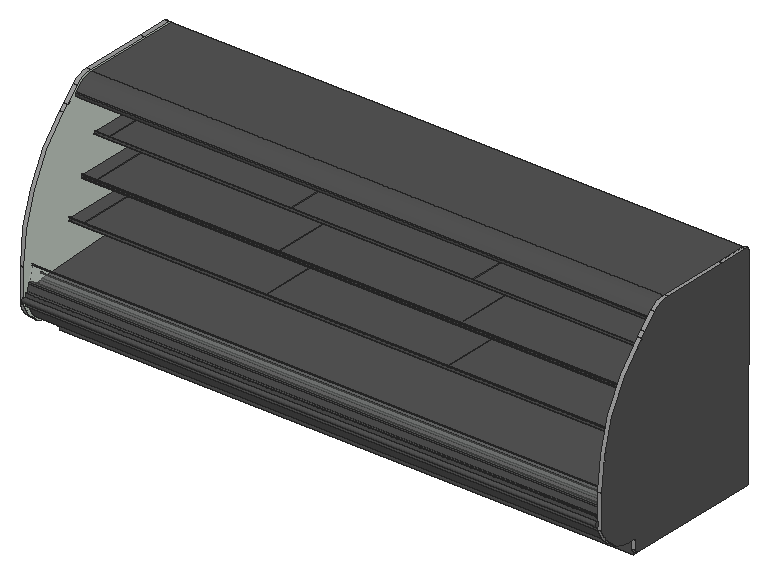
Revit family "E3S_2014", category Specialty Equipment, Revit 2014
Parameters (values of type "12'-0" Length")
  Width = 144 3/8"
  Waste Drain Location = if(Width = 72 1/8", 48 1/16", if(Width = 96 1/4", 71 7/8", if(Width = 144 3/8", 72 1/4", 0")))  # 72 1/4"
  Waste Drain = 1 1/2"  # constant formula
  URL = "www.hussmann.com"
  Type Comments = "Elite"  # constant formula
  Trim = Stainless Steel
  Total Weight = Case Weight + (2 * End Weight)  # 1200.00 lbf
  Splashguard = Textured Sheet Metal (Steel Painted) - 701 Black
  Side Panel - Right [instance] = yes
  Side Panel - Left [instance] = yes
  Shelves = Sheet Metal (Steel Painted) - 701 Black
  Shelf Lights [instance] = yes
  Shelf [instance] = yes
  Revit Family Date = "05/26/2016"  # constant formula
  Refrigeration Lines Suction = 7/8"  # constant formula
  Refrigeration Lines Liquid = 3/8"  # constant formula
  Refrig. Suction = "Suction"
  Refrig. Liquid = "Liquid"
  Number of Supports = if(Width < 50", 2, if(Width < 100", 3, 4))  # 4
  Number of Shelves = 3  # constant formula
  Note from Manufacturer = "This model only comes in 6'-0\", 8'-0\", and 12'-0\" lengths."
  Model URL = "http://www.hussmann.com/en/product%20viewer/display-cases/E2,%20E3"
  Model = "E3S"  # constant formula
  Manufacturer Disclaimer = "The information in this file is not intended to be an exact representation of the corresponding Hussmann product.  Further, we reserve the right to change or revise specifications and product design in connection with any feature of our products. Such changes do not entitle the buyer to corresponding changes, improvements, additions, or replacements for equipment previously sold or shipped."  # constant formula
  Manufacturer = "Hussmann Corporation"  # constant formula
  Height = 54"  # constant formula
  Glazing = Glass
  Ends = Textured Sheet Metal (Steel Painted) - 701 Black
  End Weight = 100.00 lbf  # constant formula
  Description = "Self-Serve, Four-Level Display (3 Shelves plus Bottom Deck)"  # constant formula
  Depth = 46 1/2"  # constant formula
  Cutsheet URL = "http://www.hussmann.com/en/Technical%20Documents/0504418_D_E3S.pdf"
  Case Weight = if(Width = 72 1/8", 600.00 lbf, if(Width = 96 1/4", 800.00 lbf, if(Width = 144 3/8", 1000.00 lbf, 0.00 lbf)))  # 1000.00 lbf
  Case Interior - Side Panel = Mirror
  Case Interior - Back Panel = Sheet Metal (Steel Painted) - 701 Black
  Case = Textured Sheet Metal (Steel Painted) - 701 Black
  Bumper = Extruded PVC - 701 Black
  Assembly Code = ""
  Accessories/Options = ""
Types (3): name | Width | Waste Drain Location | Total Weight | Number of Supports | Case Weight
  12'-0" Length | 144 3/8" | 72 1/4" | 1200.00 lbf | 4 | 1000.00 lbf
  8'-0" Length | 96 1/4" | 71 7/8" | 1000.00 lbf | 3 | 800.00 lbf
  6'-0" Length | 72 1/8" | 48 1/16" | 800.00 lbf | 3 | 600.00 lbf
Reference planes (in)
  plane 1 "Back": y = 0
  plane 2 "Bottom": z = 0
  plane 3 "Left": x = -77.30699
  plane 4 "Front": y = -46.5
  plane 5 "Center (Left/Right)": x = -5.11949
  plane 6: x = -78.30699
  plane 7 "Right": x = 67.06801
  plane 8: x = 68.06801
  plane 9: z = 40
  plane 10: z = 32
  plane 11: z = 24
  plane 12 "Top": z = 54
Forms (in)
  Extrusion 1, solid, material "Metal - Copper"
    sketch origin (57.40105, 5, -0.375) x (1, 0, 0) y (0, 1, 0)
      loop
        circle (0.85446, -35.75) r 0.41359
      loop
        circle (0.85446, -35.75) r 0.4375
    from 5.798 to 4.367
  Extrusion 2, solid, material "Metal - Copper"
    sketch origin (59.82608, 5, -0.375) x (1, 0, 0) y (0, 1, 0)
      loop
        circle (-0.94557, -35.75) r 0.17188
      loop
        circle (-0.94557, -35.75) r 0.1875
    from 5.798 to 4.367
  Extrusion 3, solid, material "Metal - Copper"
    sketch origin (-56.6875, 1.04319, 0) x (1, 0, 0) y (0, 1, 0)
      loop
        arc (51.63051, -27.91819) -> (51.10018, -28.13786) -> (50.88051, -28.66819) r 0.75
        arc (50.88051, -28.66819) -> (51.10018, -29.19852) -> (51.63051, -29.41819) r 0.75
        arc (51.63051, -29.41819) -> (52.16084, -29.19852) -> (52.38051, -28.66819) r 0.75
        arc (52.38051, -28.66819) -> (52.16084, -28.13786) -> (51.63051, -27.91819) r 0.75
      loop
        circle (51.63051, -28.66819) r 0.7102
    from 5.423 to 2.937
  Extrusion 4, solid, material "Extruded PVC - 701 Black" <- "Bumper"
    sketch origin (-5.11949, 0, 0) x (0, 1, 0) y (0, 0, 1)
      loop
        arc (-45.96459, 12.30251) -> (-46.51809, 11.74901) -> (-45.96459, 11.19551) r 0.5535
        line (-45.96459, 11.19551) -> (-45.67609, 11.19551) -> (-45.67609, 12.30251) -> (-45.96459, 12.30251)
    from 72.1875 to -72.1875
  Extrusion 5, solid, material "Textured Sheet Metal (Steel Painted) - 701 Black" <- "Case"
    sketch origin (-5.11949, 0, 0) x (0, 1, 0) y (0, 0, 1)
      loop
        line (-45.67609, 10.24862) -> (-44.73721, 10.24862)
        arc (-44.73721, 10.24862) -> (-41.75268, 5.96635) -> (-36.79912, 4.3209) r 8.279
        line (-36.79912, 4.3209) -> (-36.06134, 4.3209) -> (-36.06134, 4.38714) -> (-36.43529, 4.38714) -> (-36.43529, 4.854) -> (-33.93228, 4.854) -> (-33.93228, 5.326) -> (-33.43228, 5.326) -> (-33.43228, 5.423) -> (-10.24695, 5.423) -> (-3.25, 9.46027) -> (-3.25, 39.69717) -> (-0.097, 39.69717) -> (-0.097, 38.69717) -> (0, 38.69717) -> (0, 54.11314) -> (-24.84771, 54.11314)
        arc (-24.84771, 54.11314) -> (-27.57577, 53.37336) -> (-29.71648, 51.52756) r 6.37988
        arc (-29.71648, 51.52756) -> (-29.76201, 51.44246) -> (-29.78139, 51.34791) r 0.335
        arc (-29.78139, 51.34791) -> (-29.59316, 50.61293) -> (-29.01454, 50.1222) r 1.25
        arc (-29.01454, 50.1222) -> (-28.96223, 50.14373) -> (-28.98375, 50.19604) r 0.04
        arc (-28.98375, 50.19604) -> (-29.24318, 50.34576) -> (-29.4561, 50.55644) r 1.17
        line (-29.4561, 50.55644) -> (-28.32304, 52.51928) -> (-24.89525, 52.51928) -> (-24.89525, 51.66478) -> (-23.66468, 50.43421) -> (-23.39509, 50.70381) -> (-21.06345, 48.372) -> (-20.17822, 49.25717) -> (-9.60228, 49.25717) -> (-9.60228, 11.262) -> (-38.9886, 11.262) -> (-38.9886, 12.43402) -> (-38.78944, 12.43402) -> (-38.78944, 13.23102) -> (-40.8656, 13.23102) -> (-40.8656, 13.99702) -> (-42.17486, 13.99702) -> (-42.17486, 14.06002) -> (-44.10112, 15.17215)
        arc (-44.10112, 15.17215) -> (-44.14857, 14.92781) -> (-44.1932, 14.68294) r 21.62056
        line (-44.1932, 14.68294) -> (-44.50959, 12.88862) -> (-44.97485, 12.97066) -> (-44.65846, 14.76498)
        arc (-44.65846, 14.76498) -> (-44.62227, 14.96484) -> (-44.58425, 15.16436) r 22.093
        line (-44.58425, 15.16436) -> (-44.64216, 15.17567)
        arc (-44.64216, 15.17567) -> (-44.68028, 14.97562) -> (-44.71657, 14.77522) r 22.152
        line (-44.71657, 14.77522) -> (-44.98681, 13.24262) -> (-45.58709, 13.24262)
        arc (-45.58709, 13.24262) -> (-45.65002, 13.21655) -> (-45.67609, 13.15362) r 0.089
        line (-45.67609, 13.15362) -> (-45.67609, 10.24862)
    from 72.1875 to -72.1875
  Extrusion 6, solid, material "Glass" <- "Glazing"
    sketch origin (-5.11949, 0, 0) x (0, 1, 0) y (0, 0, 1)
      loop
        arc (-43.65544, 18.50208) -> (-44.23892, 16.65553) -> (-44.65846, 14.76498) r 22.093
        line (-44.65846, 14.76498) -> (-44.97485, 12.97066) -> (-44.50959, 12.88862) -> (-44.1932, 14.68294)
        arc (-44.1932, 14.68294) -> (-43.77777, 16.55114) -> (-43.19876, 18.37529) r 21.62056
        arc (-43.19876, 18.37529) -> (-43.36762, 18.64771) -> (-43.65261, 18.50105) r 0.23622
      loop
        line (-40.8656, 13.23102) -> (-40.6156, 13.23102) -> (-40.6156, 15.60602)
        arc (-40.6156, 15.60602) -> (-40.7406, 15.73102) -> (-40.8656, 15.60602) r 0.125
        line (-40.8656, 15.60602) -> (-40.8656, 13.23102)
    from 72.1875 to -72.1875
  Extrusion 7, solid, material "Sheet Metal (Steel Painted) - 701 Black" <- "Shelves"
    sketch origin (-5.11949, 0, 0) x (0, 1, 0) y (0, 0, 1)
      loop
        line (-40.5277, 14.22713) -> (-40.48501, 13.41115) -> (-9.62922, 15.0257) -> (-9.67192, 15.84168) -> (-40.5277, 14.22713)
    from 72.1875 to -72.1875
  Extrusion 8, solid, material "Textured Sheet Metal (Steel Painted) - 701 Black" <- "Splashguard"
    sketch origin (-5.11949, 0, 0) x (0, 1, 0) y (0, 0, 1)
      loop
        line (-34.07685, 0) -> (-34.07685, 4.28551) -> (-34.28029, 4.28551) -> (-34.28029, 4.854) -> (-34.93629, 4.854) -> (-34.93629, 4.783) -> (-34.35129, 4.783) -> (-34.35129, 4.28551) -> (-34.62571, 4.28551) -> (-34.62571, 0) -> (-34.07685, 0)
      loop
        line (-28.40228, 1.984) -> (-28.94928, 1.984) -> (-28.94928, 0.547) -> (-33.80428, 0.547) -> (-33.80428, 0) -> (-28.40228, 0) -> (-28.40228, 1.984)
    from 72.1875 to -72.1875
  Extrusion 9, solid, material "Stainless Steel"
    sketch origin (-5.11949, 0, 0) x (0, 1, 0) y (0, 0, 1)
      loop
        line (-26.08128, 0.071) -> (-28.33128, 0.071) -> (-28.33128, 2.173) -> (-29.27728, 2.173) -> (-29.27728, 2.102) -> (-28.40228, 2.102) -> (-28.40228, 0) -> (-26.01028, 0) -> (-26.01028, 2.102) -> (-25.13528, 2.102) -> (-25.13528, 2.173) -> (-26.08128, 2.173) -> (-26.08128, 0.071)
      loop
        line (-4.43928, 0.071) -> (-6.68928, 0.071) -> (-6.68928, 2.173) -> (-7.63528, 2.173) -> (-7.63528, 2.102) -> (-6.76028, 2.102) -> (-6.76028, 0) -> (-4.36828, 0) -> (-4.36828, 2.102) -> (-3.49328, 2.102) -> (-3.49328, 2.173) -> (-4.43928, 2.173) -> (-4.43928, 0.071)
    from 72.1875 to -72.1875
  Extrusion 10, solid, material "Textured Sheet Metal (Steel Painted) - 701 Black" <- "Ends", visible <- "Side Panel - Left"
    sketch origin (-77.30699, 0, 0) x (0, 1, 0) y (0, 0, 1)
      loop
        line (-34.50131, 0.88154) -> (-0.25604, 0.88154)
        arc (-0.25604, 0.88154) -> (0.09489, 1.0269) -> (0.24026, 1.37784) r 0.4963
        line (0.24026, 1.37784) -> (0.24026, 1.75142) -> (0.24026, 53.85054)
        arc (0.24026, 53.85054) -> (0.09381, 54.20409) -> (-0.25974, 54.35054) r 0.5
        line (-0.25974, 54.35054) -> (-7.81111, 54.35054) -> (-24.90049, 54.35054)
        arc (-24.90049, 54.35054) -> (-27.15564, 53.9106) -> (-29.08008, 52.65531) r 6.00003
        line (-29.08008, 52.65531) -> (-32.1959, 49.63012) -> (-33.35378, 48.50592)
        arc (-33.35378, 48.50592) -> (-42.55511, 34.98847) -> (-45.79121, 18.95995) r 41.31294
        line (-45.79121, 18.95995) -> (-45.79121, 10.50195)
        arc (-45.79121, 10.50195) -> (-42.52771, 5.96203) -> (-37.2131, 4.2253) r 9.00004
        line (-37.2131, 4.2253) -> (-35.56076, 4.2253)
        arc (-35.56076, 4.2253) -> (-35.15143, 4.05575) -> (-34.98188, 3.64643) r 0.57888
        line (-34.98188, 3.64643) -> (-34.98188, 1.36211)
        arc (-34.98188, 1.36211) -> (-34.84112, 1.02229) -> (-34.50131, 0.88154) r 0.48057
    from 0 to -1
  Extrusion 11, solid, material "Textured Sheet Metal (Steel Painted) - 701 Black" <- "Ends", visible <- "Side Panel - Right"
    sketch origin (67.06801, 0, 0) x (0, 0, 1) y (0, -1, 0)
      loop
        line (0.88154, 34.5245) -> (0.88154, 0.26179)
        arc (0.88154, 0.26179) -> (1.02858, -0.09321) -> (1.38358, -0.24026) r 0.50205
        line (1.38358, -0.24026) -> (1.75142, -0.24026) -> (53.84923, -0.24026)
        arc (53.84923, -0.24026) -> (54.20371, -0.09343) -> (54.35054, 0.26105) r 0.50131
        line (54.35054, 0.26105) -> (54.35054, 7.81111) -> (54.35054, 24.90049)
        arc (54.35054, 24.90049) -> (53.9106, 27.15564) -> (52.65531, 29.08008) r 6.00003
        line (52.65531, 29.08008) -> (49.63012, 32.1959) -> (48.50592, 33.35378)
        arc (48.50592, 33.35378) -> (34.98838, 42.55515) -> (18.95975, 45.79121) r 41.31294
        line (18.95975, 45.79121) -> (10.50195, 45.79121)
        arc (10.50195, 45.79121) -> (5.96203, 42.52771) -> (4.2253, 37.2131) r 9.00004
        line (4.2253, 37.2131) -> (4.2253, 35.51438)
        arc (4.2253, 35.51438) -> (4.08292, 35.17063) -> (3.73916, 35.02824) r 0.48614
        line (3.73916, 35.02824) -> (1.38528, 35.02824)
        arc (1.38528, 35.02824) -> (1.02908, 34.8807) -> (0.88154, 34.5245) r 0.50374
    from 1 to 0
  Extrusion 12, solid, material "Sheet Metal (Steel Painted) - 701 Black" <- "Shelves", visible <- "Shelf"
    sketch origin (-77.30699, 0, 0) x (0, 1, 0) y (0, 0, 1)
      loop
        line (-23.83741, 39.38588) -> (-23.63861, 39.58468) -> (-23.67113, 39.58468) -> (-23.85367, 39.40214)
        arc (-23.85367, 39.40214) -> (-23.87002, 39.39889) -> (-23.87928, 39.41275) r 0.015
        line (-23.87928, 39.41275) -> (-23.87928, 40.058)
        arc (-23.87928, 40.058) -> (-23.81666, 40.13197) -> (-23.73337, 40.08242) r 0.075
        line (-23.73337, 40.08242) -> (-23.70589, 40.00263)
        arc (-23.70589, 40.00263) -> (-23.69203, 39.98406) -> (-23.66997, 39.977) r 0.038
        line (-23.66997, 39.977) -> (-9.83349, 39.977) -> (-9.85649, 40) -> (-23.68067, 40) -> (-23.71162, 40.0899)
        arc (-23.71162, 40.0899) -> (-23.82046, 40.15465) -> (-23.90228, 40.058) r 0.098
        line (-23.90228, 40.058) -> (-23.90228, 39.41275)
        arc (-23.90228, 39.41275) -> (-23.87882, 39.37764) -> (-23.83741, 39.38588) r 0.038
      loop
        line (-31.83741, 23.38588) -> (-31.63861, 23.58468) -> (-31.67113, 23.58468) -> (-31.85367, 23.40214)
        arc (-31.85367, 23.40214) -> (-31.87002, 23.39889) -> (-31.87928, 23.41275) r 0.015
        line (-31.87928, 23.41275) -> (-31.87928, 24.058)
        arc (-31.87928, 24.058) -> (-31.81666, 24.13197) -> (-31.73337, 24.08242) r 0.075
        line (-31.73337, 24.08242) -> (-31.70589, 24.00263)
        arc (-31.70589, 24.00263) -> (-31.69203, 23.98406) -> (-31.66997, 23.977) r 0.038
        line (-31.66997, 23.977) -> (-9.83349, 23.977) -> (-9.85649, 24) -> (-31.68067, 24) -> (-31.71162, 24.0899)
        arc (-31.71162, 24.0899) -> (-31.82046, 24.15465) -> (-31.90228, 24.058) r 0.098
        line (-31.90228, 24.058) -> (-31.90228, 23.41275)
        arc (-31.90228, 23.41275) -> (-31.87882, 23.37764) -> (-31.83741, 23.38588) r 0.038
      loop
        line (-27.83741, 31.38588) -> (-27.63861, 31.58468) -> (-27.67113, 31.58468) -> (-27.85367, 31.40214)
        arc (-27.85367, 31.40214) -> (-27.87002, 31.39889) -> (-27.87928, 31.41275) r 0.015
        line (-27.87928, 31.41275) -> (-27.87928, 32.058)
        arc (-27.87928, 32.058) -> (-27.81666, 32.13197) -> (-27.73337, 32.08242) r 0.075
        line (-27.73337, 32.08242) -> (-27.70589, 32.00263)
        arc (-27.70589, 32.00263) -> (-27.69203, 31.98406) -> (-27.66997, 31.977) r 0.038
        line (-27.66997, 31.977) -> (-9.83349, 31.977) -> (-9.85649, 32) -> (-27.68067, 32) -> (-27.71162, 32.0899)
        arc (-27.71162, 32.0899) -> (-27.82046, 32.15465) -> (-27.90228, 32.058) r 0.098
        line (-27.90228, 32.058) -> (-27.90228, 31.41275)
        arc (-27.90228, 31.41275) -> (-27.87882, 31.37764) -> (-27.83741, 31.38588) r 0.038
    from 0 to 144.375
Lines and regions (in)
  reference lines
    curve 1: line (-73.80699, -46.5, 0) -> (-73.80699, 0, 0)
    curve 2: line (-5.05699, -46.5, 0) -> (-5.05699, 0, 0)
    curve 3: line (63.56801, -46.5, 0) -> (63.56801, 0, 0)
    curve 4: line (58.69301, -46.5, 0) -> (58.69301, 0, 0)
    curve 5: line (-77.30699, -27.625, 0) -> (67.06801, -27.625, 0)
    curve 6: line (67.06801, -30.75, 0) -> (-77.30699, -30.75, 0)
Dimensions and locks (in)
  equal spacing: plane 3 "Left", plane 5 "Center (Left/Right)", plane 7 "Right"
  locked: plane 6 to plane 3 "Left" at 1
  "Width": plane 3 "Left" to plane 7 "Right"
  locked: plane 3 "Left" to curve 1 at 3.5
  "Waste Drain Location": plane 3 "Left" to curve 2
  locked: curve 3 to plane 7 "Right" at 3.5
  "Depth": plane 4 "Front" to plane 1 "Back"
  locked: curve 4 to plane 7 "Right" at 8.375
  "Height": plane 12 "Top" to level
  locked: plane 1 "Back" to curve 5 at 27.625
  locked: plane 1 "Back" to curve 6 at 30.75
  locked: plane 7 "Right" to plane 8 at 1
  locked: Extrusion 3 sketch curve to Extrusion 3 sketch curve at 0.0398
  locked: Extrusion 2 sketch curve to Extrusion 2 sketch curve at 0.01562
  locked: Extrusion 1 sketch curve to Extrusion 1 sketch curve at 0.02391
  equal spacing: group 1, group 3, group 4, group 2  (x3)
  locked: plane 11 to level at 24
  locked: plane 10 to level at 32
  locked: plane 9 to level at 40
  "Waste Drain": diameter of Extrusion 3 sketch curve
  "Refrigeration Lines Liquid": diameter of Extrusion 2 sketch curve
  "Refrigeration Lines Suction": diameter of Extrusion 1 sketch curve
  aligned and locked: plane 4 "Front" to curve 3
  aligned and locked: plane 4 "Front" to curve 2
  aligned and locked: plane 4 "Front" to curve 1
  aligned and locked: plane 3 "Left" to curve 5
  aligned and locked: plane 3 "Left" to curve 6
  aligned and locked: plane 7 "Right" to curve 6
  aligned and locked: plane 7 "Right" to curve 5
  aligned and locked: curve 6 to Extrusion 2 sketch curve  (x4)
  aligned and locked: curve 6 to Extrusion 1 sketch curve  (x4)
  aligned and locked: curve 5 to Extrusion 3 sketch curve
  aligned and locked: curve 2 to Extrusion 3 sketch curve
  aligned and locked: curve 4 to Extrusion 2 sketch curve
  aligned and locked: curve 4 to Extrusion 1 sketch curve
  aligned and locked: Extrusion 4 to plane 3 "Left"
  aligned and locked: plane 7 "Right" to Extrusion 4
  aligned and locked: Extrusion 5 to plane 3 "Left"
  aligned and locked: plane 7 "Right" to Extrusion 5
  aligned and locked: Extrusion 6 to plane 3 "Left"
  aligned and locked: plane 7 "Right" to Extrusion 6
  aligned and locked: Extrusion 7 to plane 3 "Left"
  aligned and locked: plane 7 "Right" to Extrusion 7
  aligned and locked: Extrusion 8 to plane 3 "Left"
  aligned and locked: plane 7 "Right" to Extrusion 8
  aligned and locked: Extrusion 9 to plane 3 "Left"
  aligned and locked: plane 7 "Right" to Extrusion 9
  aligned and locked: plane 3 "Left" to nested 1
  aligned and locked: plane 3 "Left" to nested 2
  aligned and locked: plane 6 to Extrusion 10
  aligned and locked: plane 3 "Left" to Extrusion 10
  aligned and locked: plane 8 to Extrusion 11
  aligned and locked: Extrusion 11 to plane 7 "Right"
  aligned and locked: curve 1 to nested 7
  aligned and locked: curve 1 to nested 4
  aligned and locked: curve 1 to nested 3
  aligned and locked: curve 3 to nested 8
  aligned and locked: Extrusion 12 to plane 3 "Left"
  aligned and locked: plane 7 "Right" to Extrusion 12
  aligned and locked: plane 3 "Left" to nested 11
  aligned and locked: plane 3 "Left" to nested 12
  aligned and locked: plane 3 "Left" to nested 13
Automatic sketch dimensions
  plane 4 "Front" to Extrusion 4 sketch curve = 0.53541"
  level to Extrusion 4 sketch curve = 11.19551"
  Extrusion 4 sketch curve to Extrusion 4 sketch curve = 0.5535"
  Extrusion 4 sketch curve to Extrusion 4 sketch curve = 0.2885"
  plane 4 "Front" to Extrusion 5 sketch curve = 0.82391"
  Extrusion 5 sketch curve to Extrusion 5 sketch curve = 0.93888"
  Extrusion 5 sketch curve to Extrusion 5 sketch curve = 2.35128"
  Extrusion 5 sketch curve to Extrusion 5 sketch curve = 0.73778"
  Extrusion 5 sketch curve to Extrusion 5 sketch curve = 0.06624"
  Extrusion 5 sketch curve to Extrusion 5 sketch curve = 0.36383"
  Extrusion 5 sketch curve to Extrusion 5 sketch curve = 0.46685"
  Extrusion 5 sketch curve to Extrusion 5 sketch curve = 2.12906"
  Extrusion 5 sketch curve to Extrusion 5 sketch curve = 0.472"
  Extrusion 5 sketch curve to Extrusion 5 sketch curve = 1/2"
  plane 1 "Back" to Extrusion 5 sketch curve = 3 1/4"
  level to Extrusion 5 sketch curve = 9.46027"
  level to Extrusion 5 sketch curve = 5.423"
  plane 1 "Back" to Extrusion 5 sketch curve = 0.097"
  Extrusion 5 sketch curve to Extrusion 5 sketch curve = 21.59771"
  Extrusion 5 sketch curve to Extrusion 5 sketch curve = 0.26423"
  Extrusion 5 sketch curve to Extrusion 5 sketch curve = 69/256"
  Extrusion 5 sketch curve to Extrusion 5 sketch curve = 0.91348"
  Extrusion 5 sketch curve to Extrusion 5 sketch curve = 0.0527"
  Extrusion 5 sketch curve to Extrusion 5 sketch curve = 0.06492"
  Extrusion 5 sketch curve to Extrusion 5 sketch curve = 0"  (x10)
  Extrusion 5 sketch curve to Extrusion 5 sketch curve = 0.48107"
  Extrusion 5 sketch curve to Extrusion 5 sketch curve = 0.01539"  (x2)
  Extrusion 5 sketch curve to Extrusion 5 sketch curve = 0.47234"
  Extrusion 5 sketch curve to Extrusion 5 sketch curve = 0.21043"
  Extrusion 5 sketch curve to Extrusion 5 sketch curve = 0.04754"
  Extrusion 5 sketch curve to Extrusion 5 sketch curve = 0.8545"
  Extrusion 5 sketch curve to Extrusion 5 sketch curve = 1.23057"
  Extrusion 5 sketch curve to Extrusion 5 sketch curve = 10.57593"
  Extrusion 5 sketch curve to Extrusion 5 sketch curve = 5.839"
  Extrusion 5 sketch curve to Extrusion 5 sketch curve = 5.74861"
  Extrusion 5 sketch curve to Extrusion 5 sketch curve = 2.18948"
  Extrusion 5 sketch curve to Extrusion 5 sketch curve = 0.16588"
  Extrusion 5 sketch curve to Extrusion 5 sketch curve = 0.19916"
  Extrusion 5 sketch curve to Extrusion 5 sketch curve = 1.17202"
  Extrusion 5 sketch curve to Extrusion 5 sketch curve = 0.797"
  Extrusion 5 sketch curve to Extrusion 5 sketch curve = 1.877"
  Extrusion 5 sketch curve to Extrusion 5 sketch curve = 0.063"
  Extrusion 5 sketch curve to Extrusion 5 sketch curve = 3.23552"
  Extrusion 5 sketch curve to Extrusion 5 sketch curve = 1.94112"
  Extrusion 5 sketch curve to Extrusion 5 sketch curve = 12.65415"
  Extrusion 5 sketch curve to Extrusion 5 sketch curve = 5.50557"
  Extrusion 5 sketch curve to Extrusion 5 sketch curve = 0.09208"
  Extrusion 5 sketch curve to Extrusion 5 sketch curve = 3.64399"
  Extrusion 5 sketch curve to Extrusion 5 sketch curve = 0.34241"
  Extrusion 5 sketch curve to Extrusion 5 sketch curve = 0.46526"  (x2)
  Extrusion 5 sketch curve to Extrusion 5 sketch curve = 0.01631"
  Extrusion 5 sketch curve to Extrusion 5 sketch curve = 0.41069"
  Extrusion 5 sketch curve to Extrusion 5 sketch curve = 0.0581"
  Extrusion 5 sketch curve to Extrusion 5 sketch curve = 0.05791"
  Extrusion 5 sketch curve to Extrusion 5 sketch curve = 0.01196"
  Extrusion 5 sketch curve to Extrusion 5 sketch curve = 0.27196"
  Extrusion 5 sketch curve to Extrusion 5 sketch curve = 0.089"
  Extrusion 5 sketch curve to Extrusion 5 sketch curve = 1.30926"
  Extrusion 5 sketch curve to Extrusion 5 sketch curve = 0.766"
  Extrusion 5 sketch curve to Extrusion 5 sketch curve = 2.33164"
  Extrusion 5 sketch curve to Extrusion 5 sketch curve = 21/256"
  Extrusion 6 sketch curve to Extrusion 6 sketch curve = 0"  (x2)
  plane 4 "Front" to Extrusion 6 sketch curve = 1.52515"
  Extrusion 6 sketch curve to Extrusion 6 sketch curve = 81/256"
  Extrusion 6 sketch curve to Extrusion 6 sketch curve = 0.46526"  (x2)
  Extrusion 6 sketch curve to Extrusion 6 sketch curve = 3.3276"
  Extrusion 6 sketch curve to Extrusion 6 sketch curve = 1/8"
  level to Extrusion 6 sketch curve = 10.92857"
  level to Extrusion 6 sketch curve = 12.88862"
  Extrusion 6 sketch curve to Extrusion 6 sketch curve = 21/256"  (x2)
  Extrusion 6 sketch curve to Extrusion 6 sketch curve = 0.92309"
  Extrusion 6 sketch curve to Extrusion 6 sketch curve = 2 3/8"
  plane 4 "Front" to Extrusion 7 sketch curve = 5.9723"
  Extrusion 7 sketch curve to Extrusion 7 sketch curve = 0.0427"
  plane 1 "Back" to Extrusion 7 sketch curve = 9.67192"
  level to Extrusion 7 sketch curve = 13.41115"
  Extrusion 7 sketch curve to Extrusion 7 sketch curve = 0.81598"
  Extrusion 8 sketch curve to level = 0"  (x2)
  level to Extrusion 8 sketch curve = 4.783"
  plane 4 "Front" to Extrusion 8 sketch curve = 11.56371"
  Extrusion 8 sketch curve to Extrusion 8 sketch curve = 0.31058"
  Extrusion 8 sketch curve to Extrusion 8 sketch curve = 0.27442"
  Extrusion 8 sketch curve to Extrusion 8 sketch curve = 0.071"  (x2)
  Extrusion 8 sketch curve to Extrusion 8 sketch curve = 0.54886"
  Extrusion 8 sketch curve to Extrusion 8 sketch curve = 0.27257"
  level to Extrusion 8 sketch curve = 1.984"
  Extrusion 8 sketch curve to Extrusion 8 sketch curve = 4.855"
  Extrusion 8 sketch curve to Extrusion 8 sketch curve = 0.547"  (x2)
  Extrusion 8 sketch curve to Extrusion 8 sketch curve = 0.49749"
  Extrusion 8 sketch curve to Extrusion 8 sketch curve = 0"
  Extrusion 9 sketch curve to level = 0"  (x2)
  level to Extrusion 9 sketch curve = 2.173"
  plane 4 "Front" to Extrusion 9 sketch curve = 17.22272"
  Extrusion 9 sketch curve to Extrusion 9 sketch curve = 7/8"  (x4)
  Extrusion 9 sketch curve to Extrusion 9 sketch curve = 0.071"  (x8)
  Extrusion 9 sketch curve to Extrusion 9 sketch curve = 2 1/4"  (x2)
  level to Extrusion 9 sketch curve = 2.102"  (x2)
  plane 1 "Back" to Extrusion 9 sketch curve = 7.63528"
  level to Extrusion 9 sketch curve = 0.071"  (x2)
  Extrusion 9 sketch curve to Extrusion 9 sketch curve = 2.031"
  Extrusion 12 sketch curve to Extrusion 12 sketch curve = 0"  (x14)
  plane 10 to Extrusion 12 sketch curve = 0"
  plane 11 to Extrusion 12 sketch curve = 0"
  plane 9 to Extrusion 12 sketch curve = 0"
  plane 10 to Extrusion 12 sketch curve = 0.58725"
  plane 4 "Front" to Extrusion 12 sketch curve = 18.59772"
  plane 11 to Extrusion 12 sketch curve = 0.58725"
  Extrusion 12 sketch curve to Extrusion 12 sketch curve = 4"
  Extrusion 12 sketch curve to Extrusion 12 sketch curve = 0.023"  (x6)
  Extrusion 12 sketch curve to Extrusion 12 sketch curve = 0.015"  (x3)
  plane 10 to Extrusion 12 sketch curve = 0.59786"
  plane 11 to Extrusion 12 sketch curve = 0.59786"
  plane 10 to Extrusion 12 sketch curve = 0.61412"
  plane 11 to Extrusion 12 sketch curve = 0.61412"
  Extrusion 12 sketch curve to plane 10 = 0.058"
  Extrusion 12 sketch curve to Extrusion 12 sketch curve = 0.075"  (x3)
  Extrusion 12 sketch curve to plane 11 = 0.058"
  Extrusion 12 sketch curve to plane 11 = 0.08242"
  Extrusion 12 sketch curve to plane 10 = 0.08242"
  Extrusion 12 sketch curve to plane 11 = 0.0899"
  Extrusion 12 sketch curve to plane 10 = 0.0899"
  Extrusion 12 sketch curve to plane 11 = 0.00263"
  Extrusion 12 sketch curve to Extrusion 12 sketch curve = 0.02747"  (x3)
  Extrusion 12 sketch curve to plane 10 = 0.00263"
  Extrusion 12 sketch curve to Extrusion 12 sketch curve = 0.02523"  (x3)
  plane 10 to Extrusion 12 sketch curve = 0.41532"
  Extrusion 12 sketch curve to Extrusion 12 sketch curve = 0.18254"  (x4)
  Extrusion 12 sketch curve to Extrusion 12 sketch curve = 0.0107"  (x3)
  Extrusion 12 sketch curve to Extrusion 12 sketch curve = 0.03253"  (x3)
  plane 9 to Extrusion 12 sketch curve = 0.58725"
  Extrusion 12 sketch curve to Extrusion 12 sketch curve = 3.80934"
  plane 9 to Extrusion 12 sketch curve = 0.59786"
  plane 9 to Extrusion 12 sketch curve = 0.61412"
  Extrusion 12 sketch curve to plane 9 = 0.058"
  Extrusion 12 sketch curve to plane 9 = 0.08242"
  Extrusion 12 sketch curve to plane 9 = 0.0899"
  Extrusion 12 sketch curve to plane 9 = 0.00263"
  plane 9 to Extrusion 12 sketch curve = 0.41532"
  plane 1 "Back" to Extrusion 12 sketch curve = 9.85649"
  plane 9 to Extrusion 12 sketch curve = 0.023"
  plane 10 to Extrusion 12 sketch curve = 0.023"
  plane 11 to Extrusion 12 sketch curve = 0.023"
  plane 9 to Extrusion 5 sketch curve = 1.30283"
  Extrusion 5 sketch curve to plane 1 "Back" = 0"
  Extrusion 5 sketch curve to Extrusion 5 sketch curve = 1"
  plane 4 "Front" to Extrusion 6 sketch curve = 3.0693"
  Extrusion 6 sketch curve to Extrusion 6 sketch curve = 0.22191"
  Extrusion 6 sketch curve to Extrusion 6 sketch curve = 0.23194"
  Extrusion 6 sketch curve to Extrusion 6 sketch curve = 0.04479"
  Extrusion 6 sketch curve to Extrusion 6 sketch curve = 0.00283"
  plane 1 "Back" to Extrusion 11 sketch curve = 0.26179"
  level to Extrusion 11 sketch curve = 0.88154"
  Extrusion 11 sketch curve to Extrusion 11 sketch curve = 0.50205"
  Extrusion 11 sketch curve to Extrusion 11 sketch curve = 0.50374"
  Extrusion 11 sketch curve to Extrusion 11 sketch curve = 0.36784"
  Extrusion 11 sketch curve to Extrusion 11 sketch curve = 2.35388"
  Extrusion 11 sketch curve to Extrusion 11 sketch curve = 0.48614"
  plane 4 "Front" to Extrusion 11 sketch curve = 0.70879"
  level to Extrusion 11 sketch curve = 10.50195"
  Extrusion 11 sketch curve to Extrusion 11 sketch curve = 9.00004"
  plane 11 to Extrusion 11 sketch curve = 5.04025"
  plane 11 to Extrusion 11 sketch curve = 5.04005"
  plane 1 "Back" to Extrusion 11 sketch curve = 4.47827"
  Extrusion 11 sketch curve to Extrusion 11 sketch curve = 1.15788"
  Extrusion 11 sketch curve to Extrusion 11 sketch curve = 2.68861"
  Extrusion 11 sketch curve to Extrusion 11 sketch curve = 1.69523"
  plane 1 "Back" to Extrusion 11 sketch curve = 0.26105"
  Extrusion 11 sketch curve to Extrusion 11 sketch curve = 4.1796"
  Extrusion 11 sketch curve to Extrusion 11 sketch curve = 3.02519"
  Extrusion 11 sketch curve to Extrusion 11 sketch curve = 7.55005"
  Extrusion 11 sketch curve to Extrusion 11 sketch curve = 17.08938"
  Extrusion 11 sketch curve to Extrusion 11 sketch curve = 3.11582"
  plane 4 "Front" to Extrusion 10 sketch curve = 0.70879"
  level to Extrusion 10 sketch curve = 4.2253"
  plane 4 "Front" to Extrusion 10 sketch curve = 9.2869"
  Extrusion 10 sketch curve to Extrusion 10 sketch curve = 1 167/256"
  Extrusion 10 sketch curve to Extrusion 10 sketch curve = 0.57888"
  Extrusion 10 sketch curve to Extrusion 10 sketch curve = 0.48057"
  plane 1 "Back" to Extrusion 10 sketch curve = 7.81111"
  plane 1 "Back" to Extrusion 10 sketch curve = 4.47827"
  plane 1 "Back" to Extrusion 10 sketch curve = 0.25974"
  plane 1 "Back" to Extrusion 10 sketch curve = 0.25604"
  Extrusion 10 sketch curve to plane 1 "Back" = 0.24026"
  level to Extrusion 10 sketch curve = 1.75142"
  Extrusion 10 sketch curve to Extrusion 10 sketch curve = 0.37359"
  level to Extrusion 10 sketch curve = 10.50195"
  plane 11 to Extrusion 10 sketch curve = 5.04005"
  Extrusion 10 sketch curve to Extrusion 10 sketch curve = 1.15788"
  plane 4 "Front" to Extrusion 10 sketch curve = 14.3041"
  Extrusion 10 sketch curve to Extrusion 10 sketch curve = 3.11582"
  Extrusion 10 sketch curve to Extrusion 10 sketch curve = 4.1796"
  plane 12 "Top" to Extrusion 5 sketch curve = 3.44356"
  Extrusion 5 sketch curve to Extrusion 5 sketch curve = 4.56085"
  plane 12 "Top" to Extrusion 5 sketch curve = 3.29619"
  Extrusion 5 sketch curve to Extrusion 5 sketch curve = 0.26959"  (x2)
  Extrusion 5 sketch curve to Extrusion 5 sketch curve = 0.88523"
  Extrusion 5 sketch curve to Extrusion 5 sketch curve = 2.96507"
  Extrusion 5 sketch curve to Extrusion 5 sketch curve = 2.33181"
  plane 12 "Top" to Extrusion 10 sketch curve = 5.64949"
  Extrusion 10 sketch curve to Extrusion 10 sketch curve = 1.1242"
  plane 12 "Top" to Extrusion 10 sketch curve = 1.34469"
  plane 12 "Top" to Extrusion 11 sketch curve = 5.64949"
  Extrusion 1 sketch curve to Extrusion 1 sketch curve = 0"
  Extrusion 2 sketch curve to Extrusion 2 sketch curve = 0"
  curve 4 to plane 4 "Front" = 0"
  plane 1 "Back" to curve 4 = 0"
  plane 1 "Back" to curve 1 = 0"
  plane 1 "Back" to curve 3 = 0"
  plane 1 "Back" to curve 2 = 0"
  Extrusion 3 sketch curve to Extrusion 3 sketch curve = 0"  (x3)
Nested families (in)
  nested 1: "Light" at (-5.30699, -19.12722, -1.20112), type "Light"
    with Length 144 3/8"
  nested 2: "Light" at (-5.30699, -17.12722, -1.20112), type "Light"
    with Length 144 3/8"
  nested 3: "Shelf - E Series" at (-73.93199, -9.60228, 19.08109), visible <- "Shelf", type "22""
    with Depth 22"
  nested 4: "Shelf - E Series" at (-73.93199, -9.60228, 35.08109), visible <- "Shelf", type "14""
    with Depth 14"
  nested 5: "Shelf - E Series" at (63.44301, -9.60228, 19.08109), visible <- "Shelf", type "22""
    with Depth 22"
  nested 6: "Shelf - E Series" at (63.44301, -9.60228, 35.08109), visible <- "Shelf", type "14""
    with Depth 14"
  nested 7: "Cross Member - E Series" at (-72.3125, 0.34772, 0), type "Cross Member - E Series"
  nested 8: "Cross Member - E Series" at (65.0625, 0.34772, 0), type "Cross Member - E Series"
  nested 9: "Shelf - E Series" at (63.44301, -9.60228, 27.08109), visible <- "Shelf", type "18""
    with Depth 18"
  nested 10: "Shelf - E Series" at (-73.93199, -9.60228, 27.08109), visible <- "Shelf", type "18""
    with Depth 18"
  nested 11: "Light" at (-5.30699, -13.97829, -13.0215), visible <- "Shelf Lights", type "Light"
    with Length 144 3/8"
  nested 12: "Light" at (-5.30699, -17.97829, -21.0215), visible <- "Shelf Lights", type "Light"
    with Length 144 3/8"
  nested 13: "Light" at (-5.30699, -21.97829, -29.0215), visible <- "Shelf Lights", type "Light"
    with Length 144 3/8"
  nested 14: "Shelf - E Series" at (-28.14032, -9.60228, 19.08109), visible <- "Shelf", type "22""
    with Depth 22"
  nested 15: "Shelf - E Series" at (-28.14032, -9.60228, 35.08109), visible <- "Shelf", type "14""
    with Depth 14"
  nested 16: "Cross Member - E Series" at (-26.52083, 0.34772, 0), type "Cross Member - E Series"
  nested 17: "Shelf - E Series" at (-28.14032, -9.60228, 27.08109), visible <- "Shelf", type "18""
    with Depth 18"
  nested 18: "Shelf - E Series" at (17.65135, -9.60228, 19.08109), visible <- "Shelf", type "22""
    with Depth 22"
  nested 19: "Shelf - E Series" at (17.65135, -9.60228, 35.08109), visible <- "Shelf", type "14""
    with Depth 14"
  nested 20: "Cross Member - E Series" at (19.27083, 0.34772, 0), type "Cross Member - E Series"
  nested 21: "Shelf - E Series" at (17.65135, -9.60228, 27.08109), visible <- "Shelf", type "18""
    with Depth 18"
Connectors (in)
  piping at (58.25551, -30.75, 3.992), diameter 0.875, driven by "Refrig. Suction", driven by "Refrigeration Lines Suction"
    settings: on Extrusion 1, index 9, connector inside diameter 7/8", connector length 0", flow factor 0, pipe flow 0 GPM, pressure drop 0.00 psi, fitting loss kfactor 0, connector angle 0.00°, fixture units 0, engagement length 0", angle of deflection 0.00°, flow configuration 0, flow direction 2, fitting loss method 0, system type 22, joint type 0, gender type 0, connector reference index -1, connector utility 0, adjustable connector no, is connector primary yes, connector description "Suction"
  piping at (58.88051, -30.75, 3.992), diameter 0.375, driven by "Refrig. Liquid", driven by "Refrigeration Lines Liquid"
    settings: on Extrusion 2, index 10, connector inside diameter 3/8", connector length 0", flow factor 0, pipe flow 0 GPM, pressure drop 0.00 psi, fitting loss kfactor 0, connector angle 0.00°, fixture units 0, engagement length 0", angle of deflection 0.00°, flow configuration 0, flow direction 1, fitting loss method 0, system type 22, joint type 0, gender type 0, connector reference index -1, connector utility 0, adjustable connector no, is connector primary no, connector description "Liquid"
  piping at (-5.05699, -27.625, 2.937), diameter 1.5, driven by "Waste Drain"
    settings: on Extrusion 3, index 11, connector inside diameter 1 1/4", connector length 0", flow factor 0, pipe flow 0 GPM, pressure drop 0.00 psi, fitting loss kfactor 0, connector angle 0.00°, fixture units 0, engagement length 0", angle of deflection 0.00°, flow configuration 0, flow direction 0, fitting loss method 0, system type 16, joint type 0, gender type 0, connector reference index -1, connector utility 0, adjustable connector no, is connector primary no, connector description ""
Definition of nested family "Shelf - E Series"
  Parameters (values of type "18"")
    Width = 1/4"
    Shelf Bracket = Sheet Metal (Steel Painted) - 701 Black
    Height = 4.89591"
    Depth = 12"
  Types (2): name
    18"
    12"
  Reference planes (in)
    plane 1 "Back": y = 0
    plane 2: z = 0
    plane 3 "Left": x = 0
    plane 4 "Front": y = -12
    plane 5 "Right": x = 0.25
    plane 6: z = 4.89591
    plane 7 "Center (Left/Right)": x = 0.125
  Forms (in)
    Extrusion 1, solid, material "Sheet Metal (Steel Painted) - 701 Black" <- "Shelf Bracket"
      sketch origin (0, 0, 0) x (0, 1, 0) y (0, 0, 1)
        loop
          line (0.07326, 0.26836) -> (0.18143, 0.26875)
          arc (0.18143, 0.26875) -> (0.3025, 0.36199) -> (0.24317, 0.50282) r 0.12517
          line (0.24317, 0.50282) -> (-0.04494, 0.66605)
          arc (-0.04494, 0.66605) -> (-0.07187, 0.69679) -> (-0.07382, 0.7376) r 0.062
          line (-0.07382, 0.7376) -> (0.10406, 1.33811) -> (0.09305, 2.59922) -> (0.01772, 3.20416)
          arc (0.01772, 3.20416) -> (0.03288, 3.25348) -> (0.07981, 3.27494) r 0.063
          line (0.07981, 3.27494) -> (0.15806, 3.27547) -> (0.15929, 3.09434) -> (0.56271, 3.06679) -> (0.68212, 3.03122) -> (0.63408, 2.86666) -> (1.2983, 2.73359) -> (1.40516, 2.66752) -> (1.32096, 2.53134) -> (1.94726, 2.21454) -> (2.03229, 2.12435) -> (1.91623, 2.01494)
          arc (1.91623, 2.01494) -> (2.32601, 2.00181) -> (2.34025, 2.41156) r 0.2903
          arc (2.34025, 2.41156) -> (1.62913, 3.00885) -> (0.79406, 3.41517) r 3.78823
          arc (0.79406, 3.41517) -> (0.76115, 3.40549) -> (0.74067, 3.43301) r 0.03
          arc (0.74067, 3.43301) -> (0.42541, 3.52091) -> (0.10373, 3.58126) r 3.78823
          arc (0.10373, 3.58126) -> (0.02969, 3.62316) -> (-0.00038, 3.70274) r 0.125
          line (-0.00038, 3.70274) -> (-0.01867, 4.21036)
          arc (-0.01867, 4.21036) -> (-0.00134, 4.25606) -> (0.04347, 4.27562) r 0.063
          line (0.04347, 4.27562) -> (0.14916, 4.277) -> (0.15148, 4.09933) -> (0.8496, 4.03037) -> (0.96839, 3.99481) -> (0.92223, 3.84061) -> (1.16715, 3.78222)
          arc (1.16715, 3.78222) -> (1.31884, 3.92198) -> (1.24674, 4.11523) r 0.18489
          arc (1.24674, 4.11523) -> (0.5579, 4.49791) -> (-0.2, 4.71364) r 3.43695
          arc (-0.2, 4.71364) -> (-0.21607, 4.71919) -> (-0.23121, 4.72694) r 0.121
          line (-0.23121, 4.72694) -> (-0.23121, 4.89591) -> (-12, 4.89591) -> (-12, 4.52233)
          spline (-12, 4.52233) -> (-11.99893, 4.50603) -> (-11.99574, 4.49) -> (-11.99049, 4.47453) -> (-11.98325, 4.45987) -> (-11.97417, 4.44628) -> (-11.96339, 4.434) -> (-11.9511, 4.42322) -> (-11.9375, 4.41415) -> (-11.92284, 4.40692) -> (-11.90735, 4.40167) -> (-11.89132, 4.39848) -> (-11.875, 4.39741)
          line (-11.875, 4.39741) -> (-10.09303, 4.39741)
          spline (-10.09303, 4.39741) -> (-10.07672, 4.39634) -> (-10.06068, 4.39315) -> (-10.0452, 4.3879) -> (-10.03053, 4.38067) -> (-10.01694, 4.37159) -> (-10.00465, 4.36082) -> (-9.99387, 4.34853) -> (-9.98478, 4.33495) -> (-9.97755, 4.32029) -> (-9.9723, 4.30482) -> (-9.96911, 4.28879) -> (-9.96804, 4.27249)
          line (-9.96804, 4.27249) -> (-9.96804, 3.92271)
          spline (-9.96804, 3.92271) -> (-9.96697, 3.9064) -> (-9.96378, 3.89037) -> (-9.95852, 3.8749) -> (-9.95129, 3.86025) -> (-9.94221, 3.84666) -> (-9.93142, 3.83437) -> (-9.91913, 3.8236) -> (-9.90554, 3.81452) -> (-9.89087, 3.80729) -> (-9.87539, 3.80204) -> (-9.85935, 3.79885) -> (-9.84304, 3.79779)
          line (-9.84304, 3.79779) -> (-3.71618, 3.79779)
          arc (-3.71618, 3.79779) -> (-2.98005, 3.43429) -> (-2.45199, 2.80567) r 1.99996
          line (-2.45199, 2.80567) -> (-1.47212, 0.97726)
          arc (-1.47212, 0.97726) -> (-1.05125, 0.43902) -> (-0.47377, 0.07386) r 1.99996
          line (-0.47377, 0.07386) -> (-0.29521, 0) -> (-0.24369, 0.17221) -> (0.07446, 0.09812) -> (0.07326, 0.26836)
      from 0 to 0.25
  Dimensions and locks (in)
    "Depth": plane 4 "Front" to plane 1 "Back"
    locked: Extrusion 1 sketch curve to plane 1 "Back" at 3.71618
    locked: plane 4 "Front" to Extrusion 1 sketch curve at 2.03196
    "Width": plane 5 "Right" to plane 3 "Left"
    "Height": plane 6 to level
    equal spacing: plane 3 "Left", plane 7 "Center (Left/Right)", plane 5 "Right"
    aligned and locked: plane 2 to level
    aligned and locked: Extrusion 1 to plane 3 "Left"
    aligned and locked: plane 5 "Right" to Extrusion 1
    aligned and locked: Extrusion 1 sketch curve to plane 4 "Front"
  Automatic sketch dimensions
    Extrusion 1 sketch curve to Extrusion 1 sketch curve = 0"  (x2)
    Extrusion 1 sketch curve to level = 0"
    Extrusion 1 sketch curve to plane 4 "Front" = 1/8"
    Extrusion 1 sketch curve to Extrusion 1 sketch curve = 1/8"  (x2)
    Extrusion 1 sketch curve to Extrusion 1 sketch curve = 0.49859"
    Extrusion 1 sketch curve to Extrusion 1 sketch curve = 1.26419"
    plane 1 "Back" to Extrusion 1 sketch curve = 1.47212"
    plane 1 "Back" to Extrusion 1 sketch curve = 0.75578"
    level to Extrusion 1 sketch curve = 0.07386"
    plane 1 "Back" to Extrusion 1 sketch curve = 0.47377"
    Extrusion 1 sketch curve to Extrusion 1 sketch curve = 0.0404"
    Extrusion 1 sketch curve to Extrusion 1 sketch curve = 0.17856"
    Extrusion 1 sketch curve to Extrusion 1 sketch curve = 0.05152"
    plane 1 "Back" to Extrusion 1 sketch curve = 0.07382"
    plane 1 "Back" to Extrusion 1 sketch curve = 0.04494"
    plane 1 "Back" to Extrusion 1 sketch curve = 0.01867"
    plane 1 "Back" to Extrusion 1 sketch curve = 0.01438"
    plane 1 "Back" to Extrusion 1 sketch curve = 0.00038"
    Extrusion 1 sketch curve to plane 1 "Back" = 0.01772"
    Extrusion 1 sketch curve to plane 1 "Back" = 0.04347"
    Extrusion 1 sketch curve to plane 1 "Back" = 0.04429"
    Extrusion 1 sketch curve to plane 1 "Back" = 0.07326"
    Extrusion 1 sketch curve to plane 1 "Back" = 0.07446"
    Extrusion 1 sketch curve to plane 1 "Back" = 0.07981"
    Extrusion 1 sketch curve to Extrusion 1 sketch curve = 1/16"
    Extrusion 1 sketch curve to plane 1 "Back" = 0.09305"
    Extrusion 1 sketch curve to plane 1 "Back" = 0.10406"
    Extrusion 1 sketch curve to plane 1 "Back" = 0.1246"
    Extrusion 1 sketch curve to Extrusion 1 sketch curve = 0.10569"
    Extrusion 1 sketch curve to plane 1 "Back" = 0.15148"
    Extrusion 1 sketch curve to Extrusion 1 sketch curve = 0.07825"
    Extrusion 1 sketch curve to Extrusion 1 sketch curve = 0.07905"
    Extrusion 1 sketch curve to Extrusion 1 sketch curve = 0.10816"
    Extrusion 1 sketch curve to Extrusion 1 sketch curve = 0.00004"
    Extrusion 1 sketch curve to Extrusion 1 sketch curve = 0.0617"
    Extrusion 1 sketch curve to plane 1 "Back" = 0.29066"
    Extrusion 1 sketch curve to Extrusion 1 sketch curve = 0.40342"
    Extrusion 1 sketch curve to Extrusion 1 sketch curve = 0.07136"
    Extrusion 1 sketch curve to Extrusion 1 sketch curve = 0.11941"
    Extrusion 1 sketch curve to Extrusion 1 sketch curve = 0.08854"
    Extrusion 1 sketch curve to Extrusion 1 sketch curve = 0.07895"
    Extrusion 1 sketch curve to Extrusion 1 sketch curve = 0.07263"
    Extrusion 1 sketch curve to Extrusion 1 sketch curve = 0.11879"
    Extrusion 1 sketch curve to Extrusion 1 sketch curve = 0.17062"
    Extrusion 1 sketch curve to Extrusion 1 sketch curve = 0.02814"
    Extrusion 1 sketch curve to Extrusion 1 sketch curve = 0.66423"
    Extrusion 1 sketch curve to Extrusion 1 sketch curve = 0.02266"
    Extrusion 1 sketch curve to Extrusion 1 sketch curve = 0.10686"
    Extrusion 1 sketch curve to Extrusion 1 sketch curve = 0.59526"
    Extrusion 1 sketch curve to Extrusion 1 sketch curve = 0.03103"
    Extrusion 1 sketch curve to Extrusion 1 sketch curve = 0.08503"
    Extrusion 1 sketch curve to Extrusion 1 sketch curve = 0.09542"
    Extrusion 1 sketch curve to level = 0.16869"
    level to Extrusion 1 sketch curve = 0.09812"
    level to Extrusion 1 sketch curve = 0.17221"
    Extrusion 1 sketch curve to Extrusion 1 sketch curve = 0.17024"
    Extrusion 1 sketch curve to Extrusion 1 sketch curve = 0.00039"
    Extrusion 1 sketch curve to Extrusion 1 sketch curve = 0.12517"
    Extrusion 1 sketch curve to Extrusion 1 sketch curve = 0.16323"
    Extrusion 1 sketch curve to Extrusion 1 sketch curve = 0.05394"
    level to Extrusion 1 sketch curve = 0.97726"
    Extrusion 1 sketch curve to Extrusion 1 sketch curve = 0.34466"
    Extrusion 1 sketch curve to Extrusion 1 sketch curve = 0.58386"
    level to Extrusion 1 sketch curve = 1.86097"
    Extrusion 1 sketch curve to Extrusion 1 sketch curve = 0.09298"
    Extrusion 1 sketch curve to Extrusion 1 sketch curve = 0.1094"
    Extrusion 1 sketch curve to Extrusion 1 sketch curve = 0.08948"
    Extrusion 1 sketch curve to Extrusion 1 sketch curve = 0.09019"
    Extrusion 1 sketch curve to Extrusion 1 sketch curve = 0.3168"
    Extrusion 1 sketch curve to Extrusion 1 sketch curve = 0.67726"
    Extrusion 1 sketch curve to Extrusion 1 sketch curve = 0.13618"
    Extrusion 1 sketch curve to Extrusion 1 sketch curve = 0.06608"
    Extrusion 1 sketch curve to Extrusion 1 sketch curve = 0.9447"
    Extrusion 1 sketch curve to Extrusion 1 sketch curve = 0.26744"
    Extrusion 1 sketch curve to Extrusion 1 sketch curve = 0.16455"
    Extrusion 1 sketch curve to Extrusion 1 sketch curve = 0.03558"
    Extrusion 1 sketch curve to Extrusion 1 sketch curve = 0.02755"
    Extrusion 1 sketch curve to Extrusion 1 sketch curve = 0.10981"
    Extrusion 1 sketch curve to Extrusion 1 sketch curve = 0.00778"
    Extrusion 1 sketch curve to Extrusion 1 sketch curve = 0.40272"
    Extrusion 1 sketch curve to Extrusion 1 sketch curve = 0.4278"
    Extrusion 1 sketch curve to Extrusion 1 sketch curve = 0.00177"
    Extrusion 1 sketch curve to Extrusion 1 sketch curve = 0.34828"
    Extrusion 1 sketch curve to Extrusion 1 sketch curve = 0.0584"
    Extrusion 1 sketch curve to Extrusion 1 sketch curve = 0.18274"
    Extrusion 1 sketch curve to Extrusion 1 sketch curve = 0.15419"
    Extrusion 1 sketch curve to Extrusion 1 sketch curve = 0.03556"
    Extrusion 1 sketch curve to Extrusion 1 sketch curve = 0.39482"
    Extrusion 1 sketch curve to Extrusion 1 sketch curve = 0.11103"
    Extrusion 1 sketch curve to Extrusion 1 sketch curve = 0.00227"
    Extrusion 1 sketch curve to Extrusion 1 sketch curve = 0.4747"
    Extrusion 1 sketch curve to Extrusion 1 sketch curve = 0.0312"
    Extrusion 1 sketch curve to plane 1 "Back" = 0.10373"
    Extrusion 1 sketch curve to Extrusion 1 sketch curve = 0.02999"
    Extrusion 1 sketch curve to Extrusion 1 sketch curve = 0.0234"
    Extrusion 1 sketch curve to Extrusion 1 sketch curve = 0.12492"  (x3)
    Extrusion 1 sketch curve to plane 6 = 0"
    plane 1 "Back" to Extrusion 1 sketch curve = 0.23121"
    Extrusion 1 sketch curve to Extrusion 1 sketch curve = 0.06258"
    Extrusion 1 sketch curve to Extrusion 1 sketch curve = 0.16897"
    Extrusion 1 sketch curve to plane 6 = 0.06541"
Definition of nested family "Cross Member - E Series"
  Parameters (values of type "Cross Member - E Series")
    Width = 1 1/2"
    URL = "www.hussmann.com"
    Type Comments = ""
    Revit Family Date = "06/25/2015"
    Model = ""
    Manufacturer = "Hussmann Corporation"
    Height = 29.392"
    Floor Support = none
    Description = ""
    Depth = 29.27728"
    Assembly Code = ""
    Accessories/Options = ""
  Reference planes (in)
    plane 1 "Back": y = -0.34772
    plane 2 "Bottom": z = 0
    plane 3 "Top": z = 29.392
    plane 4 "Left": x = -2.24449
    plane 5 "Right": x = -0.74449
    plane 6 "Front": y = -29.625
    plane 7 "Center (Left/Right)": x = -1.49449
    plane 8: z = 2.173
  Forms (in)
    Extrusion 1, solid, material <- "Floor Support"
      sketch origin (-1.49449, 0, 0) x (0, 1, 0) y (0, 0, 1)
        loop
          line (-0.34772, 2.173) -> (-0.34772, 29.392) -> (-3.59772, 29.392) -> (-3.59772, 5.423) -> (-29.625, 5.423) -> (-29.625, 2.173) -> (-0.34772, 2.173)
      from -0.75 to 0.75
  Dimensions and locks (in)
    equal spacing: plane 4 "Left", plane 7 "Center (Left/Right)", plane 5 "Right"
    "Width": plane 4 "Left" to plane 5 "Right"
    "Depth": plane 6 "Front" to plane 1 "Back"
    "Height": plane 3 "Top" to level
    locked: plane 8 to level at 2.173
    locked: plane 8 to Extrusion 1 sketch curve at 3.25
    locked: plane 1 "Back" to Extrusion 1 sketch curve at 3.25
    aligned and locked: plane 8 to Extrusion 1  (x2)
    aligned and locked: Extrusion 1 to plane 1 "Back"  (x2)
    aligned and locked: Extrusion 1 to plane 6 "Front"  (x2)
    aligned and locked: Extrusion 1 to plane 4 "Left"
    aligned and locked: plane 5 "Right" to Extrusion 1
    aligned and locked: plane 3 "Top" to Extrusion 1 sketch curve
    aligned and locked: Extrusion 1 to plane 3 "Top"
  Automatic sketch dimensions
    Extrusion 1 sketch curve to plane 6 "Front" = 0"
    Extrusion 1 sketch curve to plane 1 "Back" = 0"
    plane 8 to Extrusion 1 sketch curve = 0"
Definition of nested family "Light"
  Parameters (values of type "Light")
    Wattage = 16.1571 W
    built-in parameter 1150110 = 1 (stored number, unit not read)
    built-in parameter 1114217 = 1 (stored number, unit not read)
    built-in parameter 1150109 = 1 (stored number, unit not read)
    built-in parameter 1150134 = (empty or 0)
    built-in parameter 1150113 = 1 (stored number, unit not read)
    Lumens = 2400 lm
    built-in parameter 1150115 = 1 (stored number, unit not read)
    built-in parameter 1150105 = 763.94 (stored number, unit not read)
    Light Source Symbol Size = 24"
    built-in parameter 1150137 = (empty or 0)
    built-in parameter 1150139 = (empty or 0)
    Lense = none
    Length = 144"
    built-in parameter 1150112 = 1 (stored number, unit not read)
    built-in parameter 1150114 = 1 (stored number, unit not read)
    built-in parameter 1150132 = 2
    built-in parameter 1150102 = (empty or 0)
    built-in parameter 1150138 = (empty or 0)
    built-in parameter 1150107 = 6100 (stored number, unit not read)
    built-in parameter 1150106 = 7.6394 (stored number, unit not read)
    Emit from Line Length = Length  # 144"
    built-in parameter 1150104 = 13.8 (stored number, unit not read)
    Dimming Lamp Color Temperature Shift = (empty or 0)
    Color Filter = 16777215
    Casing = none
    built-in parameter 1114218 = 1 (stored number, unit not read)
    built-in parameter 1150133 = 10 (stored number, unit not read)
  Reference planes (in)
    plane 1 "Light Source Axis (F/B)": y = -8.60801
    plane 2: z = 0
    plane 3 "Light Source Axis (L/R)": x = 0
    plane 4 "Light Source Elevation": z = 52.5
    plane 5: z = 0
    plane 6 "Left": x = -72
    plane 7 "Right": x = 72
  Lines and regions (in)
    model lines
      curve 1: line (-72, -8.60801, 52.5) -> (72, -8.60801, 52.5)
  Dimensions and locks (in)
    equal spacing: plane 7 "Right", plane 3 "Light Source Axis (L/R)", plane 6 "Left"
    "Length": plane 7 "Right" to plane 6 "Left"
    aligned and locked: plane 3 "Light Source Axis (L/R)" to imposter light
    aligned and locked: plane 1 "Light Source Axis (F/B)" to imposter light
    aligned and locked: plane 4 "Light Source Elevation" to imposter light
    aligned and locked: level to plane 5
  Automatic sketch dimensions
    plane 1 "Light Source Axis (F/B)" to curve 1 = 0"
    curve 1 to plane 6 "Left" = 0"
    curve 1 to plane 7 "Right" = 0"
